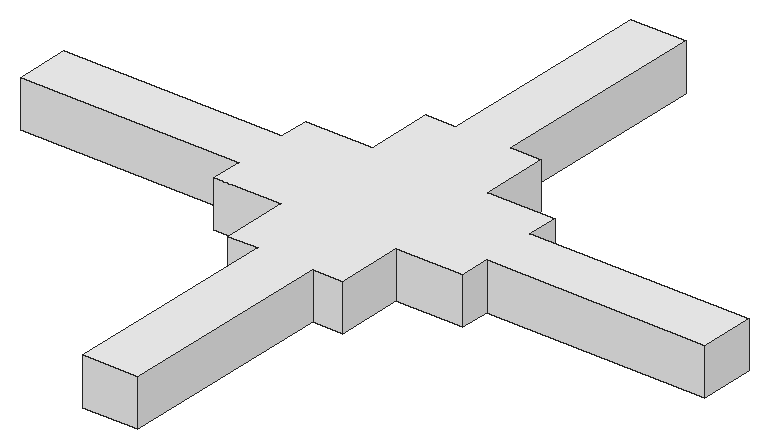
Revit family "LAMP_X JOINT 48V", category Mobiliario, Revit 2015
Parameters (values of type "WHITE")
  Weight = 0.108 kg
  Product datasheet = "http://www.lamp.es/product-files/TECH/TLSUXJDW-EN.pdf"
  Product code = "TLSUXJDW"
  Product URL = "https://www.lamp.es/en/family/hance-48v_195581"
  Modelo = Product code  # "TLSUXJDW"
  Material = LAMP_Aluminio Carril BL
  Manufacturer name = "LAMP"
  Manufacturer country = "Spain"
  Manufacturer URL = "http://www.lamp.es/en"
  Last update = "12/04/2019"
  Installation instructions = "https://www.lamp.es/product-files/INS/1004480-INSTR.%20TRACK%2048V.pdf"
  Finish = "RAL9010 textured"
  Fabricante = Manufacturer name  # "LAMP"
  Descripción = "TRACK 48V ACC. X JOINT DALI WH."
  Accessory Type = "Assembly"
Types (2, lengths in mm): name | Product datasheet | Product code | Modelo | Material | Finish | Descripción
  BLACK | "http://www.lamp.es/product-files/TECH/TLSUXJDB-EN.pdf" | "TLSUXJDB" | "TLSUXJDB" | LAMP_Aluminio Carril NG | "RAL9011 textured" | "TRACK 48V ACC. X JOINT DALI BK."
  WHITE | "http://www.lamp.es/product-files/TECH/TLSUXJDW-EN.pdf" | "TLSUXJDW" | "TLSUXJDW" | LAMP_Aluminio Carril BL | "RAL9010 textured" | "TRACK 48V ACC. X JOINT DALI WH."
Reference planes
  plane 1 "Centro (Frontal/Posterior)": y = 0
  plane 2: z = 0
  plane 3 "Centro (Izquierda/Derecha)": x = 0
Forms (mm)
  Extrusion 1, solid, material "LAMP_Aluminio Carril BL" <- "Material"
    sketch origin (0, 0, 0) x (1, 0, 0) y (0, 1, 0)
      loop
        line (-14.5, 14.5) -> (-31.3, 14.5) -> (-31.3, 6.9) -> (-86.3, 6.9) -> (-86.3, -6.9) -> (-31.3, -6.9) -> (-31.3, -14.5) -> (-14.5, -14.5) -> (-14.5, -31.3) -> (-6.9, -31.3) -> (-6.9, -86.3) -> (6.9, -86.3) -> (6.9, -31.3) -> (14.5, -31.3) -> (14.5, -14.5) -> (31.3, -14.5) -> (31.3, -6.9) -> (86.3, -6.9) -> (86.3, 6.9) -> (31.3, 6.9) -> (31.3, 14.5) -> (14.5, 14.5) -> (14.5, 31.3) -> (6.9, 31.3) -> (6.9, 86.3) -> (-6.9, 86.3) -> (-6.9, 31.3) -> (-14.5, 31.3) -> (-14.5, 14.5)
    from 0 to 11.8
Text (mm)
  text "Any modification of the parameters and properties of the LAMP BIM models must be executed and validated by the LAMP technical department.\n\nPhone: +34 93 736 68 00\n\nE-mail: lamp@lamp.es\n\n\n\nLAMP reserves the right to modify the technical specifications of its products." at (25202.091, -32788.508, 18135.023), in view "Preview"
Dimensions and locks
  aligned and locked: level to plane 2
